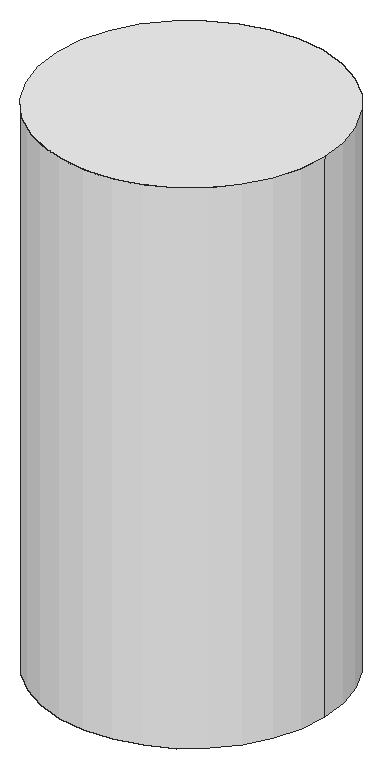
Revit family "6451000918", category Plumbing Fixtures, Revit 2020
Family settings
  Round Connector Dimension = Use Diameter
  Part Type = Normal
  OmniClass Number = 23.45.55.00
  OmniClass Title = Sanitary Faucets, Wastes
  Work Plane-Based = No
  Always vertical = Yes
  Cut with Voids When Loaded = No
  Shared = No
  Room Calculation Point = No
Parameters (values of type "6451000918 Data unit, Bluetooth")
  Working Pressure = "100 - 1000 kPa"
  WarrantyStartDate [instance] = "n/a"
  WarrantyGuarantorParts = "n/a"
  WarrantyGuarantorLabor = "n/a"
  WarrantyDurationUnit = "Year"
  WarrantyDurationParts = "n/a"
  WarrantyDurationLabor = "n/a"
  WarrantyDescription = "http://warranty.hansa.com"
  Warranty Information URL = "http://warranty.hansa.com"
  VersionDate = "01/06/2023"
  Version = "1"
  ValvePattern = "n/a"
  ValveOperation = "n/a"
  ValveMechanism = "n/a"
  ValveMainMaterial = Fine Textured - Anthracite grey
  Uniclass2015Reference = "Pr_40_20_87_96"
  Uniclass2015Description = "Washbasin manual water supply sets"
  Uniclass2 = "Pr_40_30_96_96"
  URL WEEE = "http://static.hansa.com/WEEE/6451000918"
  URL REACH = "http://static.hansa.com/doc/reach"
  URL Materials Declaration = "http://www.hansa.com/fileadmin/resources/168229_6451000918_materialsdeclaration.pdf"
  URL KIWA SE Type Approval = "http://static.hansa.com/KIWASETypeApproval/6451000918"
  URL EcoLabel Declaration = "http://static.hansa.com/doc/EcoLabel"
  URL EU Packaging Declaration = "http://static.hansa.com/doc/packaging"
  URL Declaration of SCIP = "http://static.hansa.com/doc/SCIP"
  URL Declaration of Conformity = "http://static.hansa.com/DoC/6451000918"
  URL Declaration of Asbestos = "http://static.hansa.com/doc/asbestos"
  URL Declaration Of Performance (DOP) = "http://static.hansa.com/doc/DoP"
  URL ABP = "http://static.hansa.com/ABP/6451000918"
  URL = ""
  UNSPSC Class Number = "30181800 Faucet and shower heads, jets and parts and accessories"
  Type Comments = ""
  TestPressure = "n/a"
  Technical DataSheet URL = "http://www.hansa.com/datasheet/6451000918/en"
  TagNumber [instance] = "n/a"
  SustainabilityPerformance = "n/a"
  Surface treatment = "Anthracite grey"
  Spare-Part Information URL = "http://static.hansa.com/sp/6451000918"
  Size = "55x70x125 mm"
  Shape = "Sculptured"
  SerialNumber [instance] = "n/a"
  Sales Package dimensions (LxWxH) = "164 x 85 x 85"
  Revision = "n/a"
  ReplacementCost = "n/a"
  Protection Class = "IP 55"
  ProductInformation = "n/a"
  Product URL = "http://static.hansa.com/6451000918"
  Product Image URL = "http://static.hansa.com/image/6451000918"
  Product Family = "HANSAELECTRA "
  Product Code = "6451000918"
  Pressure Loss With Flow 01ls = 87000.0 Pa
  OperatingMechanismMaterial = "n/a"
  Operating Voltage = 0 V
  NominalWidth = 55.966 mm
  NominalHeight = 122.1 mm
  NominalDepth = 68 mm
  Noise Class = "I (ISO 3822)"
  Name_en = "6451000918 Data unit, Bluetooth"
  Name = "6451000918 Data unit, Bluetooth"
  NBSReference = "45-35-70/371"
  NBSDescription = "Water supply fittings for wash basins and troughs"
  ModelReference = "6451000918"
  ModelNumber = "n/a"
  Model = "6451000918 Data unit, Bluetooth"
  Mobile Product Information URL = "http://mpi.hansa.com/6451000918"
  Mechanical Parts = "Litter filter(s)"
  Max. Hot Water Supply = 70 °C
  Material = "Composite"
  Market = "International;Germany"
  ManufacturerURL = "http://www.hansa.com"
  ManufacturerName = "HANSA"
  Manufacturer = "HANSA"
  Keynote = ""
  Interactive AR View URL = "https://static.hansa.com/AR/6451000918"
  InstallationDate [instance] = "n/a"
  Installation and Maintenance Guide URL = "http://static.hansa.com/manual/6451000918"
  Installation Type = "Wall mounted"
  InletConnectionSize = 16 mm
  IfcExportType = "FAUCET"  # constant formula
  IfcExportAs = "IfcValveType"  # constant formula
  Group = "Smart accessory"
  Grade = "n/a"
  FlowCoefficient = 0
  Flow Rate At 300kPa = 0.19 L/s
  Flow Drawing URL = "http://static.hansa.com/flowchart/6451000918"
  Finish = "Polished"
  Features = "Self-powered;Bluetooth®"
  FaucetMainMaterial = Brass
  FDV Document URL = "http://www.hansa.com/datasheet/6451000918/en/fdv"
  ExpectedLife = "n/a"
  ETIM Class Number = "EC002580"
  EMC Directive = "Radio Equipment Directive 2014/53/EU , \nLow Voltage Directive 2014/35/EU , \nEMC Directive 2014/30/EU , \nRoHS Directive 2011/65/EU"
  EAN Number = "4057304016974"
  DurationUnit = "Year"
  Dimension Drawing URL = "http://static.hansa.com/dimdrw/6451000918"
  Description = ""
  DefaultElevation [instance] = 900 mm
  Default Elevation = 0 mm
  Constituents = "n/a"
  Connection Size = "G3/8"
  Connection = "Internal thread"
  Color = "Anthracite grey"
  CodePerformance = "n/a"
  CloseOffRating = 0
  Catalog Drawing URL = "http://static.hansa.com/catdrw/6451000918"
  Brand = "HANSA"
  BodyMaterial = "Brass"
  Bluetooth = "5.x (D060576)"
  Barcode [instance] = "n/a"
  BIMObjectName = "6451000918"
  Author = "BIMStone"
  AssetType = "Fixed"
  AssetIdentifier [instance] = "n/a"
  Approval KIWA SE Type Approval = "1820"
  Approval ABP = "PA-IX 062/I"
  Additional Features = "Minimum required water flow 1.5l/min"
  AccessibilityPerformance = "n/a"
  3D View = "https://static.hansa.com/AR/6451000918"
  2D/3D/BIM Files URL = "http://static.hansa.com/bim/6451000918"
Reference planes
  plane 1 "Center (Front/Back)": y = 0
  plane 2: z = 0
  plane 3 "Center (Left/Right)": x = 0
  plane 4: x = -27.983
  plane 5: z = 900
  plane 6: y = -68
  plane 7: x = 27.983
  plane 8: z = 1022.1
  plane 9: z = 1052.1
Forms (mm)
  Extrusion 1, solid, material "Brass" <- "FaucetMainMaterial"
    sketch origin (11.5, 0.5, 152.1) x (1, 0, 0) y (0, 1, 0)
      loop
        circle (-11.5, -22.5) r 8
    from 870 to 900
Dimensions and locks
  "DefaultElevation": plane 5 to level
  "NominalDepth": plane 6 to plane 1 "Center (Front/Back)"
  equal spacing: plane 4, plane 3 "Center (Left/Right)", plane 7
  "NominalHeight": plane 8 to plane 5
  "NominalWidth": plane 4 to plane 7
  locked: plane 9 to plane 8 at 30
  "InletConnectionSize": diameter of Extrusion 1 sketch curve
  aligned and locked: level to plane 2
  aligned and locked: plane 3 "Center (Left/Right)" to nested 1
  aligned and locked: plane 1 "Center (Front/Back)" to nested 1
  aligned and locked: plane 1 "Center (Front/Back)" to nested 2
  aligned and locked: nested 2 to plane 3 "Center (Left/Right)"
  aligned and locked: plane 5 to nested 2
  aligned and locked: Extrusion 1 to plane 8
  aligned and locked: Extrusion 1 to plane 9
Automatic sketch dimensions
  plane 7 to Extrusion 1 sketch curve = 27.983 mm
  plane 1 "Center (Front/Back)" to Extrusion 1 sketch curve = 22 mm
Nested families
  nested 1: "Symbol" at (0, 0, 0), type "Symbol", detail levels coarse
  nested 2: "6451000918_Body" at (0, -68, 900), Material <- "ValveMainMaterial", type "6451000918_Body"
    with Material Fine Textured - Anthracite grey
Connectors
  piping at (0, -22, 1052.1), diameter 16, driven by "InletConnectionSize"
    settings: on Extrusion 1, index 3, connector inside diameter 609.6 mm, connector length 0 mm, flow factor 0, pipe flow 0.19 L/s, pressure drop 0.0 Pa, fitting loss kfactor 0, connector angle 0.00°, fixture units 0, engagement length 0 mm, angle of deflection 0.00°, flow configuration 0, flow direction 2, fitting loss method 0, system type 20, joint type 0, gender type 0, connector reference index -1, connector utility 0, adjustable connector no, is connector primary yes, connector description ""
  piping at (0, -22, 900), diameter 16, driven by "InletConnectionSize"
    settings: on nested 2, index 4, connector inside diameter 609.6 mm, connector length 0 mm, flow factor 0, pipe flow 0.19 L/s, pressure drop 0.0 Pa, fitting loss kfactor 0, connector angle 0.00°, fixture units 0, engagement length 0 mm, angle of deflection 0.00°, flow configuration 0, flow direction 1, fitting loss method 0, system type 20, joint type 0, gender type 0, connector reference index -1, connector utility 0, adjustable connector no, is connector primary no, connector description ""
Definition of nested family "Symbol"
  Reference planes
    plane 1: y = 0
    plane 2: x = 0
  Lines and regions (mm)
    detail lines
      curve 1: line (0, 0, 0) -> (0, -1.8, 0)
      curve 2: line (-0.4, -1.1, 0) -> (0.4, -1.1, 0)
      curve 3: line (-0.4, -1.4, 0) -> (0.4, -1.4, 0)
      curve 4: line (0.863, 0, 0) -> (-0.863, 0, 0)
      curve 5: circle (-1.163, 0, 0) r 0.3 normal (0, 0, -1)
      curve 6: circle (1.163, 0, 0) r 0.3 normal (0, 0, 1)
Definition of nested family "6451000918_Body"
  Parameters (values of type "6451000918_Body")
    Material [instance] = none
    Default Elevation = 0 mm
  Reference planes
    plane 1 "Center (Front/Back)": y = 0
    plane 2: z = 0
    plane 3 "Center (Left/Right)": x = 0
    plane 4: x = -27.983
    plane 5: y = -68
    plane 6: z = 122.1
    plane 7: x = 27.983
  Forms (mm)
    Extrusion 1, solid, material <- "Material", detail levels medium
      sketch origin (0, 0, 0) x (1, 0, 0) y (0, 1, 0)
        loop
          arc (-21.866, 0) -> (-26.071, -1.72) -> (-27.865, -5.895) r 6
          line (-27.865, -5.895) -> (-27.983, -12.667) -> (-27.673, -48.175)
          arc (-27.673, -48.175) -> (-21.754, -62.204) -> (-7.674, -68) r 20
          line (-7.674, -68) -> (7.674, -68)
          arc (7.674, -68) -> (21.754, -62.204) -> (27.673, -48.175) r 20
          line (27.673, -48.175) -> (27.983, -12.667) -> (27.865, -5.895)
          arc (27.865, -5.895) -> (26.071, -1.72) -> (21.866, 0) r 6
          line (21.866, 0) -> (-21.866, 0)
      from 14.4 to 112.4
    Revolve 2, solid, detail levels medium
      sketch origin (0, 0, 0) x (0, 1, 0) y (0, 0, 1)
        loop
          line (-37.2, 122.1) -> (-46, 122.1) -> (-46, 110.1) -> (-37.2, 110.1) -> (-37.2, 122.1)
        axis (-46, 110.1) -> (-46, 122.1)
      angle from 0 to 360
    Revolve 3, solid, detail levels medium
      sketch origin (0, 0, 0) x (0, 1, 0) y (0, 0, 1)
        loop
          line (-35.549, 0) -> (-35.549, 16.222) -> (-46, 16.222) -> (-46, 0) -> (-35.549, 0)
        axis (-46, 16.222) -> (-46, 0)
      angle from 0 to 360
    Extrusion 4, solid, material <- "Material", detail levels coarse
      sketch origin (0, 0, 0) x (1, 0, 0) y (0, 1, 0)
        loop
          line (-27.983, -68) -> (27.983, -68) -> (27.983, 0) -> (-27.983, 0) -> (-27.983, -68)
      from 0 to 122.1
  Lines and regions (mm)
    symbolic lines, detail levels medium+fine
      curve 1: line (-27.865, -5.895, 0) -> (-27.983, -12.667, 0)
      curve 2: line (21.866, 0, 0) -> (-21.866, 0, 0)
      curve 3: line (-27.673, -48.175, 0) -> (-27.983, -12.667, 0)
      curve 4: line (-7.674, -68, 0) -> (7.674, -68, 0)
      curve 5: arc (-21.866, 0, 0) -> (-26.071, -1.72, 0) -> (-27.865, -5.895, 0) r 6
      curve 6: arc (-7.674, -68, 0) -> (-21.754, -62.204, 0) -> (-27.673, -48.175, 0) r 20
      curve 7: line (27.865, -5.895, 0) -> (27.983, -12.667, 0)
      curve 8: line (27.673, -48.175, 0) -> (27.983, -12.667, 0)
      curve 9: arc (21.866, 0, 0) -> (26.071, -1.72, 0) -> (27.865, -5.895, 0) r 6
      curve 10: arc (7.674, -68, 0) -> (21.754, -62.204, 0) -> (27.673, -48.175, 0) r 20
      curve 11: line (0, 0, 20.334) -> (0, 0, 106.066)
      curve 12: line (0, -5.895, 112.065) -> (0, -12.667, 112.183)
      curve 13: line (0, -62.052, 111.752) -> (0, -54.8, 111.815)
      curve 14: line (0, -68, 105.752) -> (0, -68, 20.648)
      curve 15: line (0, -12.667, 14.217) -> (0, -5.895, 14.335)
      curve 16: line (0, -12.667, 14.217) -> (0, -37.094, 14.43)
      curve 17: arc (0, -62.052, 111.752) -> (0, -66.261, 109.976) -> (0, -68, 105.752) r 6
      curve 18: arc (0, -68, 20.648) -> (0, -66.261, 16.424) -> (0, -62.052, 14.648) r 6
      curve 19: arc (0, -5.895, 112.065) -> (0, -1.72, 110.271) -> (0, 0, 106.066) r 6
      curve 20: arc (0, 0, 20.334) -> (0, -1.72, 16.129) -> (0, -5.895, 14.335) r 6
      curve 21: line (0, -37.2, 111.969) -> (0, -37.2, 113.5)
      curve 22: line (0, -37.729, 115.311) -> (0, -37.729, 120.304)
      curve 23: line (0, -38.59, 121.001) -> (0, -37.729, 120.304)
      curve 24: line (0, -38.59, 121.001) -> (0, -38.59, 122.1)
      curve 25: line (0, -38.59, 122.1) -> (0, -46, 122.1)
      curve 26: line (0, -37.729, 115.311) -> (0, -38.589, 114.59)
      curve 27: line (0, -38.589, 114.59) -> (0, -38.589, 113.5)
      curve 28: line (0, -38.589, 113.5) -> (0, -37.2, 113.5)
      curve 29: line (0, -54.8, 111.815) -> (0, -54.8, 113.5)
      curve 30: line (0, -54.271, 115.311) -> (0, -54.271, 120.304)
      curve 31: line (0, -53.41, 121.001) -> (0, -54.271, 120.304)
      curve 32: line (0, -53.41, 121.001) -> (0, -53.41, 122.1)
      curve 33: line (0, -53.41, 122.1) -> (0, -46, 122.1)
      curve 34: line (0, -54.271, 115.311) -> (0, -53.411, 114.59)
      curve 35: line (0, -53.411, 114.59) -> (0, -53.411, 113.5)
      curve 36: line (0, -53.411, 113.5) -> (0, -54.8, 113.5)
      curve 37: line (0, -37.2, 111.969) -> (0, -12.667, 112.183)
      curve 40: line (0, -35.526, 0.883) -> (0, -35.526, 12.095)
      curve 41: line (0, -35.526, 12.095) -> (0, -37.094, 13)
      curve 42: line (0, -37.094, 13) -> (0, -37.094, 14.43)
      curve 43: line (0, -35.526, 0.883) -> (0, -37.056, 0)
      curve 44: line (0, -37.056, 0) -> (0, -54.944, 0)
      curve 45: line (0, -56.474, 0.883) -> (0, -56.474, 12.095)
      curve 46: line (0, -56.474, 12.095) -> (0, -54.906, 13)
      curve 47: line (0, -54.906, 13) -> (0, -54.906, 14.586)
      curve 48: line (0, -56.474, 0.883) -> (0, -54.944, 0)
      curve 51: line (0, -54.906, 14.586) -> (0, -62.052, 14.648)
      curve 52: line (-22.983, 0, 112.196) -> (-8.792, 0, 112.196)
      curve 53: line (-27.983, 0, 20.105) -> (-27.983, 0, 107.196)
      curve 54: line (-21.983, 0, 14.105) -> (-8.776, 0, 14.105)
      curve 55: line (-10.037, 0, 1.037) -> (-10.037, 0, 12.117)
      curve 56: line (-8.776, 0, 14.105) -> (-8.776, 0, 13)
      curve 57: line (0, 0, 0) -> (-9, 0, 0)
      curve 60: arc (-22.983, 0, 112.196) -> (-26.518, 0, 110.732) -> (-27.983, 0, 107.196) r 5
      curve 61: arc (-27.983, 0, 20.105) -> (-26.226, 0, 15.862) -> (-21.983, 0, 14.105) r 6
      curve 62: line (-8.792, 0, 113.5) -> (-8.792, 0, 112.196)
      curve 64: line (-7.384, 0, 113.5) -> (-7.384, 0, 114.594)
      curve 65: line (-7.384, 0, 114.594) -> (-8.29, 0, 115.31)
      curve 66: line (-8.29, 0, 115.31) -> (-8.29, 0, 120.31)
      curve 67: line (-8.29, 0, 120.31) -> (-7.399, 0, 121.013)
      curve 68: line (-7.399, 0, 121.013) -> (-7.399, 0, 122.1)
      curve 69: line (-7.399, 0, 122.1) -> (0, 0, 122.1)
      curve 71: line (-7.384, 0, 113.5) -> (-8.792, 0, 113.5)
      curve 72: line (22.983, 0, 112.196) -> (8.792, 0, 112.196)
      curve 73: line (27.983, 0, 20.105) -> (27.983, 0, 107.196)
      curve 74: line (21.983, 0, 14.105) -> (8.776, 0, 14.105)
      curve 75: line (10.037, 0, 1.037) -> (10.037, 0, 12.117)
      curve 76: line (8.776, 0, 14.105) -> (8.776, 0, 13)
      curve 77: line (0, 0, 0) -> (9, 0, 0)
      curve 80: arc (22.983, 0, 112.196) -> (26.518, 0, 110.732) -> (27.983, 0, 107.196) r 5
      curve 81: arc (27.983, 0, 20.105) -> (26.226, 0, 15.862) -> (21.983, 0, 14.105) r 6
      curve 82: line (8.792, 0, 113.5) -> (8.792, 0, 112.196)
      curve 84: line (7.384, 0, 113.5) -> (7.384, 0, 114.594)
      curve 85: line (7.384, 0, 114.594) -> (8.29, 0, 115.31)
      curve 86: line (8.29, 0, 115.31) -> (8.29, 0, 120.31)
      curve 87: line (8.29, 0, 120.31) -> (7.399, 0, 121.013)
      curve 88: line (7.399, 0, 121.013) -> (7.399, 0, 122.1)
      curve 89: line (7.399, 0, 122.1) -> (0, 0, 122.1)
      curve 91: line (7.384, 0, 113.5) -> (8.792, 0, 113.5)
      curve 96: line (-9, 0, 0) -> (-10.037, 0, 1.037)
      curve 97: line (-8.776, 0, 13) -> (-10.037, 0, 12.117)
      curve 98: line (8.776, 0, 13) -> (10.037, 0, 12.117)
      curve 99: line (9, 0, 0) -> (10.037, 0, 1.037)
    symbolic lines, detail levels fine
      curve 38: line (0, -54.8, 111.815) -> (0, -37.2, 111.969)
      curve 39: line (0, -38.589, 113.5) -> (0, -53.411, 113.5)
      curve 49: line (0, -37.094, 13) -> (0, -54.906, 13)
      curve 50: line (0, -37.094, 14.43) -> (0, -54.906, 14.586)
      curve 58: line (-8.776, 0, 14.105) -> (0, 0, 14.105)
      curve 59: line (-8.776, 0, 13) -> (0, 0, 13)
      curve 63: line (0, 0, 113.5) -> (-7.384, 0, 113.5)
      curve 70: line (-8.792, 0, 112.196) -> (0, 0, 112.196)
      curve 78: line (8.776, 0, 14.105) -> (0, 0, 14.105)
      curve 79: line (8.776, 0, 13) -> (0, 0, 13)
      curve 83: line (0, 0, 113.5) -> (7.384, 0, 113.5)
      curve 90: line (8.792, 0, 112.196) -> (0, 0, 112.196)
      curve 92: line (-7.399, 0, 121.013) -> (7.399, 0, 121.013)
      curve 93: line (-7.384, 0, 114.594) -> (7.384, 0, 114.594)
      curve 94: line (0, -38.589, 114.59) -> (0, -53.411, 114.59)
      curve 95: line (0, -53.41, 121.001) -> (0, -38.59, 121.001)
      curve 100: arc (0, -37.2, 0) -> (-8.8, -46, 0) -> (0, -54.8, 0) r 8.8
      curve 101: arc (0, -37.2, 0) -> (8.8, -46, 0) -> (0, -54.8, 0) r 8.8
  Dimensions and locks
    aligned and locked: level to plane 2
